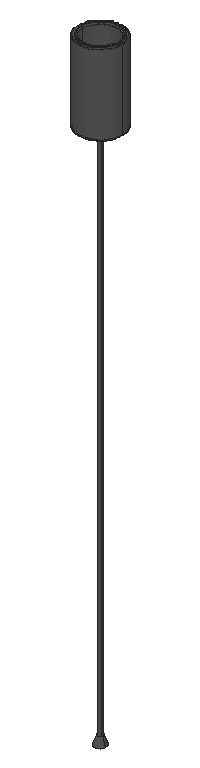
Revit family "CARLO CYLINDER LIGHT Pendant_ Surface", category Lighting Fixtures, host Face, Revit 2020 (continued)
Types (13): name | Wattage_Input | Wattage Comments | Wattage | built-in parameter 1150134 | Size 08 | Size 04 | Photometric Web File | built-in parameter 1150142 | Model | built-in parameter 1150105 | Lumens | built-in parameter 1150107 | built-in parameter 1150106 | Fixture Height | Fixture Diameter | BEAMING ANGLE | Apparent Load
    5 9.3677 9.3879 9.4041 9.4245 9.457 9.5014 9.5459 9.5865 9.6389 \r\n 9.6912 \r\n3342.6 3325.3 3293.1 3241.2 3178.7 3103.8 3019.5 2925.1 2823.7 2712.3 \r\n 2584 2443.6 2288.2 2126.3 1959.1 1795.4 1632.3 1474.3 1326.4 1183.7 \r\n 1070.6 957.13 859.95 783.54 724.13 677.83 645.7 621.41 601.71 586.82 \r\n 575.22 560.02 547.14 535.69 521.27 494.74 455.44 406.75 354.36 298.87 \r\n 240.24 187.5 137.03 96.798 56.656 36.464 29.388 24.304 20.72 19.28 \r\n 18.108 16.831 15.544 14.338 13.298 12.263 11.167 10.188 9.0975 8.2192 \r\n 7.2579 6.383 5.5667 4.7831 4.1445 3.447 2.934 2.4145 2.0077 1.7025 \r\n 1.4505 1.2713 1.1374 1.0276 0.94216 0.87301 0.81206 0.77934 0.77503 0.77097 \r\n 0.77094 0.72665 0.59743 0.50808 0.25003 0.16311 0.09396 0.0048587 0.000035 0 \r\n 0 0 0 0 0 0 0 0 0 0 \r\n 0 0 0 0 0.012081 0.040368 0.060665 0.088994 0.12946 0.15799 \r\n 0.19846 0.23905 0.28366 0.33635 0.38509 0.44587 0.49869 0.56336 0.62428 0.6932 \r\n 0.77023 0.84735 0.93653 1.0218 1.1271 1.2327 1.3382 1.4719 1.6055 1.7555 \r\n 1.9177 2.0921 2.2706 2.4613 2.6722 2.8872 3.1064 3.3416 3.581 3.8245 \r\n 4.0754 4.3311 4.5948 4.8626 5.1265 5.3943 5.6541 5.9179 6.1857 6.4375 \r\n 6.6891 6.94 7.1756 7.3949 7.606 7.809 8.0079 8.1947 8.3653 8.5358 \r\n 8.6861 8.8242 8.9498 9.0515 9.1369 9.21 9.271 9.2957 9.32 9.3323 \r\n 9.3405 9.3486 9.3487 9.3607 9.3729 9.4052 9.4336 9.4861 9.551 9.6038 \r\n 9.6912 \r\n3342.6 3324.7 3290.1 3242.4 3182.2 3107.4 3022.9 2927.5 2827.7 2714.7 \r\n 2588.7 2447.9 2293.3 2128.6 1962.1 1796.1 1633.6 1474.5 1324 1188.4 \r\n 1070.9 953.71 858.56 782.08 722.33 677.13 646.53 622.34 603.05 590.08 \r\n 579.05 564.19 549.67 538.16 522.66 496.27 456.25 408.29 354.36 301.17 \r\n 245.57 192.48 141.54 100.46 59.505 37.195 30.527 25.35 21.371 19.418 \r\n 18.291 17.077 15.698 14.464 13.388 12.411 11.276 10.232 9.1618 8.2667 \r\n 7.3423 6.455 5.6435 4.8057 4.1697 3.4778 2.9447 2.4174 1.9952 1.6637 \r\n 1.4149 1.2488 1.115 1.0084 0.91383 0.85438 0.79924 0.77527 0.775 0.77111 \r\n 0.77106 0.70488 0.58347 0.4929 0.24311 0.15448 0.087348 0.0010145 0 0 \r\n 0 0 0 0 0 0 0 0 0 0 \r\n 0 0 0 0.0038924 0.031188 0.054838 0.082269 0.11758 0.153 0.19619 \r\n 0.23947 0.28276 0.33771 0.39669 0.44793 0.50687 0.5659 0.62865 0.69937 0.7702 \r\n 0.84881 0.93917 1.0258 1.1318 1.2303 1.3481 1.4739 1.6154 1.7645 1.9295 \r\n 2.1026 2.2874 2.4801 2.6846 2.9125 3.1369 3.365 3.6127 3.8606 4.1202 \r\n 4.3715 4.6388 4.8986 5.1661 5.422 5.6817 5.957 6.213 6.4687 6.7167 \r\n 6.949 7.1845 7.4089 7.6176 7.8223 8.0036 8.1846 8.3539 8.5115 8.6611 \r\n 8.8028 8.925 9.0311 9.1218 9.1968 9.2521 9.2878 9.3193 9.3274 9.3392 \r\n 9.3393 9.3471 9.3511 9.3666 9.3902 9.4254 9.457 9.504 9.5629 9.6452 \r\n 9.6912 \r\n3342.6 3330.6 3304.8 3261.3 3208.7 3144.2 3064 2974 2876.7 2771.5 \r\n 2646.8 2521.9 2372.5 2216 2052 1880.1 1715.8 1551.8 1398.4 1256.5 \r\n 1120.9 1000.1 897.71 812.44 745.28 692.34 655.68 631.12 610.8 595.91 \r\n 585.28 574.66 557.77 544.51 531.09 511.74 475.39 428.28 378.72 327.94 \r\n 274.38 221.51 168.65 118.37 76.075 44.692 31.41 27.309 23.11 20.337 \r\n 19.215 18.103 16.79 15.458 14.23 13.241 12.076 11.049 10.014 8.917 \r\n 8.0392 7.0179 6.1927 5.3338 4.6417 3.9518 3.2867 2.7672 2.2489 1.8725 \r\n 1.5444 1.3308 1.1803 1.0537 0.95875 0.88363 0.81249 0.77314 0.77311 0.76911 \r\n 0.76118 0.75178 0.57836 0.52163 0.33524 0.15001 0.082656 0 0 0 \r\n 0 0 0 0 0 0 0 0 0 0.000030 \r\n 0.0039963 0.0080594 0.023923 0.03982 0.059684 0.083552 0.11528 0.14704 0.18277 0.22235 \r\n 0.26601 0.31356 0.35728 0.41274 0.46043 0.51995 0.58337 0.64293 0.71039 0.78185 \r\n 0.86092 0.93639 1.0276 1.1229 1.226 1.3293 1.4562 1.5873 1.7341 1.8927 \r\n 2.0516 2.2341 2.424 2.6264 2.8406 3.0666 3.2849 3.5268 3.7688 4.0187 \r\n 4.2726 4.5343 4.7922 5.0611 5.3267 5.5807 5.8542 6.116 6.3777 6.6393 \r\n 6.8851 7.123 7.3529 7.5709 7.7764 7.9668 8.157 8.3314 8.494 8.6524 \r\n 8.7913 8.9378 9.0527 9.1595 9.2427 9.3177 9.3652 9.4007 9.4166 9.4324 \r\n 9.4363 9.4404 9.4523 9.4644 9.5001 9.5358 9.5796 9.635 9.6946 9.7735 \r\n 9.6912 \r\n3342.6 3335.2 3313.5 3278.7 3233.1 3173.8 3101.3 3014.1 2916.9 2814.9 \r\n 2700.7 2569.4 2428.5 2274.9 2114.9 1949 1783.8 1618.6 1459.6 1310.9 \r\n 1173 1057.3 941.92 848.22 773.83 714.82 671.92 641.3 620.29 604.67 \r\n 592.52 582.29 569.33 551.15 536.95 519.78 488.49 448.07 400.16 349.46 \r\n 293.68 243.1 189.98 139.95 99.717 59.596 36.066 29.096 24.575 21.227 \r\n 19.716 18.444 17.191 15.973 14.705 13.637 12.591 11.443 10.44 9.3551 \r\n 8.4711 7.5048 6.6336 5.7755 4.9569 4.2335 3.5467 2.9786 2.4554 2.0273 \r\n 1.6595 1.4188 1.2273 1.0988 0.98682 0.89873 0.83065 0.76281 0.71469 0.71021 \r\n 0.69833 0.6982 0.65081 0.55578 0.45213 0.2262 0.14458 0.052942 0.00059529 0 \r\n 0 0 0 0 0 0 0 0 0 0 \r\n 0 0 0 0 0.0078971 0.035626 0.059545 0.09137 0.12724 0.1671 \r\n 0.21095 0.24695 0.29471 0.34654 0.39842 0.46214 0.51415 0.5777 0.64155 0.71329 \r\n 0.78512 0.86484 0.95254 1.0364 1.1439 1.2437 1.3632 1.4948 1.638 1.7856 \r\n 1.9529 2.1245 2.3118 2.5073 2.7186 2.9341 3.1614 3.3849 3.6281 3.8716 \r\n 4.1183 4.3775 4.633 4.9002 5.1676 5.4192 5.6903 5.9538 6.2132 6.4647 \r\n 6.7161 6.9511 7.1866 7.4141 7.6179 7.8136 8.0012 8.1809 8.3486 8.5123 \r\n 8.6601 8.7999 8.9195 9.0274 9.1154 9.1914 9.2475 9.2876 9.3196 9.3357 \r\n 9.3478 9.3637 9.3757 9.3916 9.4194 9.4591 9.4951 9.5389 9.5946 9.6702 \r\n 9.6912 \r\n3342.6 3338.9 3325.7 3300 3260.8 3212 3146.9 3067.8 2980.2 2881.3 \r\n 2776.2 2652.1 2527.9 2387.1 2233.6 2068.1 1904.3 1734.6 1571.9 1417.3 \r\n 1267.1 1130.1 1010 906.83 821 750.07 696.79 659.04 632.5 612.54 \r\n 598.81 586.71 577.19 560.49 545.14 529.81 505.9 471.58 427.79 379.1 \r\n 327.36 274.35 222.25 170.2 123.47 81.914 50.454 33.803 28.44 23.429 \r\n 20.773 19.48 18.304 16.994 15.739 14.494 13.408 12.25 11.165 10.122 \r\n 9.0225 8.1676 7.1756 6.3656 5.4994 4.7783 4.0851 3.4051 2.868 2.3202 \r\n 1.92 1.5764 1.3446 1.1805 1.0407 0.94088 0.85676 0.77667 0.7048 0.66499 \r\n 0.65704 0.65708 0.66 0.54423 0.47557 0.35053 0.14382 0.087478 0 0 \r\n 0 0 0 0 0 0 0 0 0 0 \r\n 0 0.000098 0.012053 0.016234 0.040242 0.060316 0.084397 0.11253 0.14855 0.18058 \r\n 0.22072 0.26871 0.30491 0.35704 0.4131 0.4652 0.5174 0.58152 0.64564 0.70987 \r\n 0.78575 0.85393 0.9302 1.0224 1.1187 1.2268 1.3271 1.4435 1.5798 1.7203 \r\n 1.8806 2.041 2.221 2.4134 2.6098 2.8182 3.0308 3.2672 3.4997 3.7403 \r\n 3.9927 4.2413 4.5057 4.7616 5.03 5.2945 5.555 5.8195 6.0839 6.3404 \r\n 6.5968 6.8451 7.0855 7.3138 7.5375 7.7418 7.9341 8.1264 8.3066 8.4749 \r\n 8.643 8.7912 8.9233 9.0473 9.1474 9.2392 9.3112 9.3672 9.4032 9.4392 \r\n 9.4672 9.4912 9.5032 9.5155 9.5515 9.5835 9.6157 9.6598 9.7199 9.7835 \r\n 9.6912 \r\n3342.6 3342.4 3330.1 3310.2 3279.5 3234.1 3176.6 3105.1 3022 2929.7 \r\n 2829.3 2719.4 2596.2 2455.9 2307.9 2148.4 1979.2 1809.9 1643.4 1484 \r\n 1330.6 1187.2 1068.7 950.48 854.87 774.83 713.41 669.5 639.18 616.72 \r\n 602.22 588.43 578.93 566.84 549.04 534.17 516.83 484.77 445.35 396.19 \r\n 345.88 292.95 240.13 186.35 139.01 98.265 57.591 35.791 29.465 24.645 \r\n 21.075 19.458 18.279 17.041 15.759 14.536 13.448 12.438 11.27 10.31 \r\n 9.2178 8.3254 7.397 6.5236 5.7384 4.9224 4.2452 3.5577 3.0211 2.4903 \r\n 2.0748 1.7322 1.4628 1.2887 1.1396 1.0305 0.93387 0.85722 0.78479 0.72831 \r\n 0.71179 0.6957 0.69156 0.64785 0.56391 0.47152 0.21616 0.14554 0.06525 0.0007226 \r\n 0 0 0 0 0 0 0 0 0 0 \r\n 0 0 0 0 0 0.0079599 0.027891 0.055939 0.088061 0.12023 \r\n 0.16035 0.20454 0.25275 0.29305 0.34122 0.39744 0.45772 0.50994 0.57015 0.63842 \r\n 0.70281 0.77907 0.86343 0.94788 1.0363 1.1367 1.2452 1.3538 1.4819 1.6225 \r\n 1.7712 1.9279 2.1086 2.2935 2.4905 2.6915 2.9045 3.1335 3.3628 3.6119 \r\n 3.8486 4.1057 4.3591 4.6244 4.8898 5.1473 5.4086 5.678 5.9434 6.1969 \r\n 6.4542 6.7069 6.9523 7.1897 7.4071 7.6163 7.8214 8.0146 8.1997 8.3727 \r\n 8.5496 8.7027 8.8471 8.976 9.0888 9.1935 9.2782 9.3348 9.3792 9.4155 \r\n 9.4477 9.46 9.48 9.4802 9.504 9.5242 9.5443 9.5803 9.6363 9.7165 \r\n 9.6912 \r\n" | "CCL4-07-20SP2700K8-40-PSM-BK" | 135.28 (stored number, unit not read) | 1700 lm | 2700 (stored number, unit not read) | 1.3528 (stored number, unit not read) | 0' - 7 51/256" | 0' - 4" | 40.00° | 20 VA
